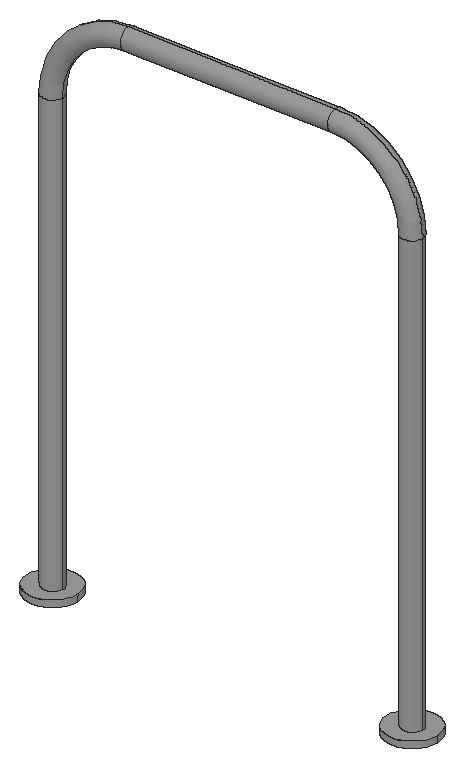
Revit family "Bicycle-Racks_Huntco_Staple", category Site, host Face, Revit 2026
Family settings
  Host = Face
  Round Connector Dimension = Use Diameter
  Part Type = Normal
  Classification Number = 23.40.10.11.11
  Cut with Voids When Loaded = No
  Shared = No
Parameters (values of type "1.625D Pipe 42H")
  holediameter = if(Flange Mounted, 0' 0 1/2", if(Freestanding, 0' 0 1/32", 0' 6"))  # 0' - 0 1/2"
  holedepth = if(Flange Mounted, 0' 4", if(Freestanding, 0' 0 1/32", 1' 0"))  # 0' - 4"
  flangevisible = not(Embedded Mounted)  # yes
  flangeheight = if(Exposed Flange, 0' 0 1/2", 0' 1 1/4")  # 0' - 0 1/2"
  extralength = if(or(Freestanding, Flange Mounted), 0' 0", 0' 11")  # 0' - 0"
  Warranty Duration (Years) = 0
  Unit Width = 2' - 6"
  Unit Weight = 40
  Unit Height = 3' - 6"
  URL = "http://www.huntco.com/"
  Test Data = ""
  Specification = "http://www.arcat.com/sdspecs/htm/02871hco.htm"
  SpecWizard = ""
  Send Message = "http://www.arcat.com/users.pl?action=UserEmail&company=Huntco+Supply+LLC&coid=39482&rep=133&fax=503-274-2055&mf="
  Sales Information = ""
  Revision = "R1_11_2012"
  Product Properties = ""
  Product Data = "http://www.arcat.com/arcatcos/cos39/arc39482.html"
  Pipe Diameter = 0' - 1 5/8"
  Outer Radius = Pipe Diameter / 2  # 0' - 0 13/16"
  Model = "HP"
  Material Finish = Metal - Steel - Huntco - Hot-Dipped Galvanized
  Manufacturer Website = "http://www.huntco.com/"
  Manufacturer Phone - Toll Free = "800-547-5909"
  Manufacturer Phone = "503-224-8700"
  Manufacturer Fax = "503-274-2055"
  Manufacturer Address = "Huntco Supply LLC P. O. Box 10385 Portland, OR 97296"
  Manufacturer = "Huntco Supply LLC"
  Maintenance Schedule (Months) = 0
  Keynote = "02871"
  Installation-Fabrication = ""
  Installation Phase = ""
  Green Building-LEED = "http://www.arcat.com/green/clients/leed_data_39482.html"
  Embedded Mounted = not(or(Freestanding, Flange Mounted))  # no
  Freestanding = no
  Flange Mounted = yes
  Exposed Flange = yes
  Expected Lifespan (Years) = 0
  Drawn By = "Sumex Design, Inc. / Robert S. Weygant, CSI, CDT, SCIP"
  Description = "Huntco HP Series Bike Rack"
  Default Elevation = 4' - 0"
  Covered Flange = not(Exposed Flange)  # no
  Copyright = "©Arcat Inc."
  Construction Details = "http://www.arcat.com/details/huntcosu/huntcosu.html?coid=39482"
  Capacity = "2 Bikes"
  Building Codes = ""
  Assembly Code = "G2040500"
Types (4): name | Unit Height | Pipe Diameter | Outer Radius
  1.625D Pipe 42H | 3' - 6" | 0' - 1 5/8" | 0' - 0 13/16"
  1.625D Pipe 36H | 3' - 0" | 0' - 1 5/8" | 0' - 0 13/16"
  2.375D Pipe 42H | 3' - 6" | 0' - 2 3/8" | 0' - 1 3/16"
  2.375D Pipe 36H | 3' - 0" | 0' - 2 3/8" | 0' - 1 3/16"
Reference planes (in)
  plane 1 "Center (Front/Back)": y = 0
  plane 2: z = 0
  plane 3 "Center (Left/Right)": x = 0
  plane 4: y = 0.8125
  plane 5: y = -0.8125
  plane 6: x = -15
  plane 7: x = 15
  plane 8: z = 42
  plane 9: x = -14.1875
  plane 10: x = 14.1875
  plane 11: z = 0.5
  plane 12: z = 0
  plane 13: z = -4
Forms (in)
  Extrusion 1, solid, material "Metal - Steel - Huntco - Hot-Dipped Galvanized" <- "Material Finish", visible <- "flangevisible"
    sketch origin (0, 0, 0) x (1, 0, 0) y (0, 1, 0)
      loop
        circle (-14.1875, 0) r 2
      loop
        circle (14.1875, 0) r 2
    from 0 to 0.5
  Sweep 2, solid, material "Metal - Steel - Huntco - Hot-Dipped Galvanized" <- "Material Finish"
    path origin (0, 0, 0) x (1, 0, 0) y (0, 0, 1)
      loop
        line (-14.1875, 0) -> (-14.1875, 35.1875)
        arc (-14.1875, 35.1875) -> (-12.43014, 39.43014) -> (-8.1875, 41.1875) r 6
        line (-8.1875, 41.1875) -> (8.1875, 41.1875)
        arc (8.1875, 41.1875) -> (12.43014, 39.43014) -> (14.1875, 35.1875) r 6
        line (14.1875, 35.1875) -> (14.1875, 0)
    profile origin (-14.1875, 0, 17.59375) x (-1, 0, 0) y (0, -1, 0)
      loop
        circle (0, 0) r 0.8125
  Extrusion 3, void
    sketch origin (0, 0, 0) x (1, 0, 0) y (0, 1, 0)
      loop
        circle (-14.1875, 0) r 0.25
      loop
        circle (14.1875, 0) r 0.25
    from -4 to 1.25028
Dimensions and locks (in)
  "Unit Height": plane 8 to level
  equal spacing: plane 4, plane 1 "Center (Front/Back)", plane 5
  "Pipe Diameter": plane 4 to plane 5
  equal spacing: plane 6, plane 3 "Center (Left/Right)", plane 7
  "Outer Radius": plane 9 to plane 6
  "Outer Radius": plane 7 to plane 10
  "Outer Radius": plane 6 to Extrusion 1 sketch curve
  "Outer Radius": Extrusion 1 sketch curve to plane 7
  "Outer Radius": plane 8 to Sweep 2 sketch curve
  "Unit Width": plane 7 to plane 6
  "flangeheight": plane 11 to host face
  "extralength": host face to plane 12
  "holedepth": host face to plane 13
  "Outer Radius": plane 6 to Extrusion 3 sketch curve
  "Outer Radius": Extrusion 3 sketch curve to plane 7
  "holediameter": Extrusion 3 sketch curve to Extrusion 3 sketch curve  (x2)
  "Outer Radius": radius of Sweep 2 sketch curve
  aligned and locked: plane 2 to host face
  aligned and locked: level to host face
  aligned and locked: plane 9 to Sweep 2 sketch curve
  aligned and locked: plane 10 to Sweep 2 sketch curve
  aligned and locked: plane 12 to Sweep 2 sketch curve  (x2)
  aligned and locked: plane 11 to Extrusion 1
  aligned and locked: Extrusion 3 to plane 13
Automatic sketch dimensions
  host sketch curve to host sketch curve = 8' - 0"  (x2)
  Extrusion 1 sketch curve to plane 1 "Center (Front/Back)" = 0' - 0"  (x2)
  Sweep 2 sketch curve to plane 1 "Center (Front/Back)" = 0' - 0"
  Sweep 2 sketch curve to profile plane = 0' - 0"
  plane 9 to Sweep 2 sketch curve = 0' - 6"
  Sweep 2 sketch curve to plane 10 = 0' - 6"
  Extrusion 3 sketch curve to plane 1 "Center (Front/Back)" = 0' - 0"  (x2)
  radius of Extrusion 1 sketch curve = 0' - 2"  (x2)
